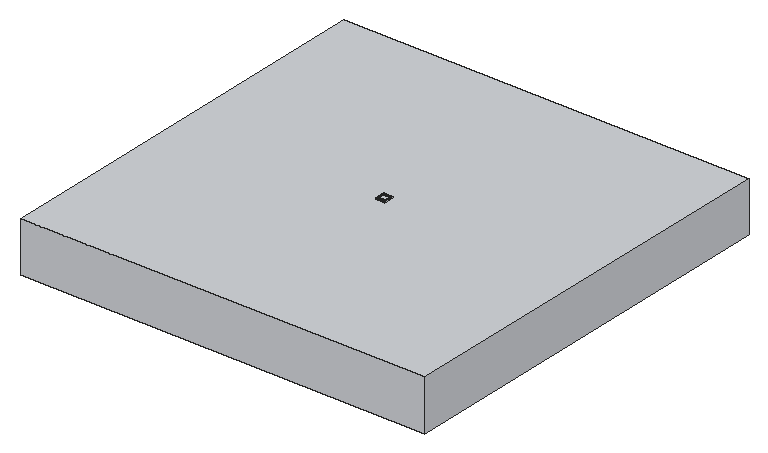
Revit family "Gira_264803", category Allgemeines Modell, Revit 2017
Family settings
  Basisbauteil = Fläche
  Kann Basisbauteil für Bewehrung sein = Nein
  Bemaßung runder Anschluss = Durchmesser verwenden
  Teiletyp = Normal
  Beim Laden mit Abzugskörper schneiden = Nein
  Gemeinsam genutzt = Nein
  Raumberechnungspunkt = Nein
Parameters
  Zusammenstellung = "Zentralplatte"
  Werkstoffgüte = "sonstige"
  Werkstoff = "sonstige"
  Default Elevation = 1219.2 mm
  Verwendung = "sonstige"
  URL = "https://www.gira.de/"
  Typname = "Montagerahmen System 55 Reinweiß"
  Transparent = no
  Tragring = no
  RAL-Nummer (ähnlich) = 9010
  Produktseite = "http://katalog.gira.de/de_DE/datenblatt.html?artikelnr=264803"
  Oberfläche = "sonstige"
  Montageart = "sonstige"
  Mit Zugentlastung = no
  Mit Staubschutz = no
  Mit Klappdeckel = no
  Mit Aufdruck = no
  Lüsterklemme = no
  Hersteller = "Gira"
  Halogenfrei = yes
  HAN = "264803"
  Geeignet für Schutzart (IP) = "IP20"
  GTIN = "4010337463511"
  Farbe = "weiß"
  Datenblatt = "https://katalog.gira.de/de_DE/download.html?artikelnr=264803"
  Beschriftungsfeld = "ohne Beschriftungsfeld"
  Beschreibung = "Montagerahmen  Reinweiß glänzend"
  Befestigungsart = "sonstige"
  BIM = "https://media.stage.bim.site/public/gira/ce1eeae/SYS55_Montagerahmen.rfa"
  Ausführung der Oberfläche = "nicht zutreffend"
Reference planes
  plane 1 "Center (Front/Back)": y = 0
  plane 2: z = 0
  plane 3 "Center (Left/Right)": x = 0
Forms (mm)
  Extrusion 1, solid
    sketch origin (0, 0, 0) x (1, 0, 0) y (0, 1, 0)
      loop
        line (-1219.2, 1219.2) -> (-1219.2, -1219.2) -> (1219.2, -1219.2) -> (1219.2, 1219.2) -> (-1219.2, 1219.2)
    from 0 to -304.8
  Extrusion 2, solid, detail levels fine
    sketch origin (0, 0, 0) x (1, 0, 0) y (0, 1, 0)
      loop
        line (-27.81, 27.81) -> (-27.81, -27.81) -> (27.81, -27.81) -> (27.81, 27.81) -> (-27.81, 27.81)
      loop
        line (-22.126, 22.126) -> (-22.126, -22.126) -> (22.126, -22.126) -> (22.126, 22.126) -> (-22.126, 22.126)
    from 6.1 to 8.6
  Extrusion 3, solid, detail levels fine
    sketch origin (0, 0, 0) x (1, 0, 0) y (0, 1, 0)
      loop
        line (-23.75, 23.744) -> (-23.75, -23.941) -> (23.75, -23.744) -> (23.75, 23.941) -> (-23.75, 23.744)
      loop
        line (-22.126, 22.126) -> (-22.126, -22.126) -> (22.126, -22.126) -> (22.126, 22.126) -> (-22.126, 22.126)
    from 2.7 to 6.1
  Extrusion 4, solid, detail levels fine
    sketch origin (0, 0, 0) x (1, 0, 0) y (0, 1, 0)
      loop
        line (27.81, 27.81) -> (-27.81, 27.81) -> (-27.81, -27.81) -> (27.81, -27.81) -> (27.81, 27.81)
      loop
        line (26.01, 26.01) -> (-26.01, 26.01) -> (-26.01, -26.01) -> (26.01, -26.01) -> (26.01, 26.01)
    from 0 to 6.1
  Extrusion 5, solid, detail levels coarse
    sketch origin (0, 0, 0) x (1, 0, 0) y (0, 1, 0)
      loop
        line (27.81, 27.81) -> (-27.81, 27.81) -> (-27.81, -27.81) -> (27.81, -27.81) -> (27.81, 27.81)
    from 0 to 8.6
  Extrusion 6, solid, detail levels medium
    sketch origin (0, 0, 0) x (1, 0, 0) y (0, 1, 0)
      loop
        line (27.81, 27.81) -> (-27.81, 27.81) -> (-27.81, -27.81) -> (27.81, -27.81) -> (27.81, 27.81)
      loop
        line (-22.126, -22.126) -> (22.126, -22.126) -> (22.126, 22.126) -> (-22.126, 22.126) -> (-22.126, -22.126)
    from 0 to 8.6
Dimensions and locks
  aligned and locked: plane 2 to Extrusion 1
  aligned and locked: level to Extrusion 1
